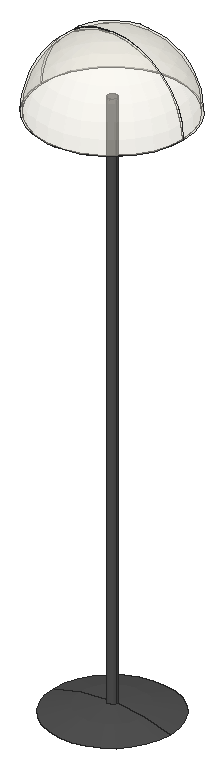
Revit family "M_Abajur de pé - Hemisférico", category Luminárias, Revit 2019
Family settings
  Cota do conector redondo = Utilizar diâmetro
  Tipo de parte = Normal
  Número OmniClass = 23.80.70.11.11
  Título OmniClass = General Luminaries, Non Directional
  ID de item do Seek = Floor Lamp - Hemispheric-0000-CAN-ENU
  Com base no plano de trabalho = Não
  Sempre na vertical = Sim
  Corte com vazios quando carregada = Não
  Fonte luminosa = Sim
  Compartilhado = Não
  Ponto de cálculo do ambiente = Não
Parameters (values of type "100W - 120V")
  Wattage = 100 W
  built-in parameter 1150110 = 1 (stored number, unit not read)
  built-in parameter 1114217 = 1 (stored number, unit not read)
  built-in parameter 1150109 = 1 (stored number, unit not read)
  built-in parameter 1150134 = 4
  built-in parameter 1150113 = 1 (stored number, unit not read)
  Tilt Angle = 90.00°
  Arquivo de rede fotométrica = "FLH1A19.IES"
  built-in parameter 1150115 = 1 (stored number, unit not read)
  built-in parameter 1150105 = 139.26 (stored number, unit not read)
  Classificação de carga = Iluminação - Unidade de interrupção
  built-in parameter 1150137 = 1
  built-in parameter 1150139 = (empty or 0)
  built-in parameter 1150112 = 1 (stored number, unit not read)
  built-in parameter 1150114 = 1 (stored number, unit not read)
  built-in parameter 1150132 = (empty or 0)
  built-in parameter 1150102 = (empty or 0)
  built-in parameter 1150138 = (empty or 0)
  built-in parameter 1150107 = 2800 (stored number, unit not read)
  built-in parameter 1150106 = 1.3926 (stored number, unit not read)
  built-in parameter 1150104 = 1.6258 (stored number, unit not read)
  Dimming Lamp Color Temperature Shift = (empty or 0)
  Color Filter = 16777215
  Voltagem do transformador = 120 V
  Transformador por número de postes = 1
  built-in parameter 1114218 = 1 (stored number, unit not read)
  built-in parameter 1150133 = 10 (stored number, unit not read)
  Código de montagem = "D5020220"
  Lâmpada = "A-19"
  Lumens = 1750 lm
  Sombra = Vidro, Jateado
  Suporte = Aço, Cromo polido
  Comentários de voltagem = "100"
  Carga aparente = 100 VA
Types (5, lengths in mm): name | Wattage | Arquivo de rede fotométrica | built-in parameter 1150105 | built-in parameter 1150106 | built-in parameter 1150104 | Voltagem do transformador | Lumens | Comentários de voltagem | Carga aparente
  (no name) | 100 W | "FLH1A19.IES" | 139.26 (stored number, unit not read) | 1.3926 (stored number, unit not read) | 1.6258 (stored number, unit not read) | 120 V | 1750 lm | "100" | 100 VA
  60W - 120V | 60 W | "CLFR1A19.ies" | 68.039 (stored number, unit not read) | 0.68039 (stored number, unit not read) | 1.3239 (stored number, unit not read) | 120 V | 855 lm | "60" | 60 VA
  60W - 277V | 60 W | "CLFR1A19.ies" | 68.039 (stored number, unit not read) | 0.68039 (stored number, unit not read) | 1.3239 (stored number, unit not read) | 277 V | 855 lm | "60" | 60 VA
  100W - 120V | 100 W | "FLH1A19.IES" | 139.26 (stored number, unit not read) | 1.3926 (stored number, unit not read) | 1.6258 (stored number, unit not read) | 120 V | 1750 lm | "100" | 100 VA
  100W - 277V | 100 W | "FLH1A19.IES" | 139.26 (stored number, unit not read) | 1.3926 (stored number, unit not read) | 1.6258 (stored number, unit not read) | 277 V | 1750 lm | "100" | 100 VA
Reference planes
  plane 1 "Eixo de origem da luz": y = 0
  plane 2: z = 0
  plane 3 "Eixo de origem da luz": x = 0
  plane 4 "Elevação da origem da luz": z = 1651
Forms (mm)
  Extrusion 1, solid, material "Aço, Cromo polido" <- "Suporte"
    sketch origin (0, 0, 0) x (1, 0, 0) y (0, 1, 0)
      loop
        circle (0, 0) r 12.7
    from 25.4 to 1549.4
  Revolve 2, solid, material "Aço, Cromo polido" <- "Suporte"
    sketch origin (0, 0, 0) x (1, 0, 0) y (0, 0, 1)
      loop
        line (12.7, 25.4) -> (12.7, 0) -> (165.1, 0)
        arc (165.1, 0) -> (89.708, 17.546) -> (12.7, 25.4) r 609.787
      axis (0, 25.4) -> (0, 0)
    angle from 0 to 360
  Revolve 3, solid, material "Vidro, Jateado" <- "Sombra"
    sketch origin (0, 0, 113.413) x (1, 0, 0) y (0, 0, 1)
      loop
        arc (202.331, 1397) -> (143.077, 1540.294) -> (0, 1600.07) r 203.2
        line (0, 1600.07) -> (0, 1593.994)
        arc (0, 1593.994) -> (139.725, 1536.55) -> (197.592, 1397) r 196.85
        line (197.592, 1397) -> (202.331, 1397)
      axis (0, 1600.07) -> (0, 1397)
    angle from 0 to 360
Lines and regions (mm)
  Masking region 1
    outline origin (0, 0, 0) x (1, 0, 0) y (0, 1, 0)
      loop
        circle (0, 0) r 203.2
  symbolic lines
    curve 1: arc (203.2, 0, 0) -> (0, 203.2, 0) -> (-203.2, 0, 0) r 203.2
    curve 2: arc (-203.2, 0, 0) -> (0, -203.2, 0) -> (203.2, 0, 0) r 203.2
    curve 3: arc (12.7, 0, 0) -> (0, 12.7, 0) -> (-12.7, 0, 0) r 12.7
    curve 4: arc (-12.7, 0, 0) -> (0, -12.7, 0) -> (12.7, 0, 0) r 12.7
    curve 5: arc (165.1, 0, 0) -> (0, 165.1, 0) -> (-165.1, 0, 0) r 165.1
    curve 6: arc (-165.1, 0, 0) -> (0, -165.1, 0) -> (165.1, 0, 0) r 165.1
Dimensions and locks
  aligned and locked: Masking region 1 sketch curve to curve 1
  aligned and locked: plane 3 "Eixo de origem da luz" to imposter light
  aligned and locked: plane 1 "Eixo de origem da luz" to imposter light
  aligned and locked: plane 4 "Elevação da origem da luz" to imposter light
Connectors
  electrical at (0, 0, 1549.4), driven by "Transformador por número de postes", driven by "Voltagem do transformador", driven by "Carga aparente", driven by "Classificação de carga"
    settings: on Extrusion 1, index 1, voltage 120 V, apparent load 0 VA, apparent load phase1 100 VA, apparent load phase2 0 VA, apparent load phase3 0 VA, power factor 0.95, load classification "Iluminação - Unidade de interrupção", number of poles 1, system type 31, power factor state 1, is connector primary yes, connector utility no, sub classification motor no, connector description ""
